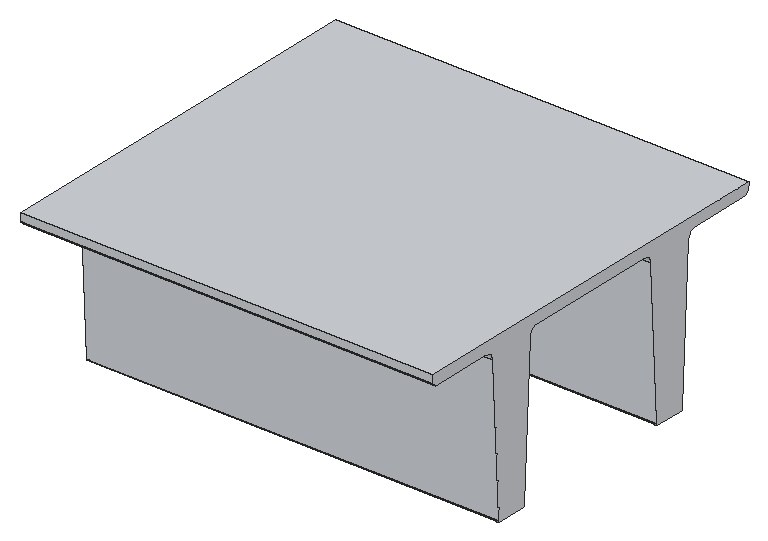
Revit family "TTD 102_Precast-Rib deck_Spæncom", category Structural Framing, Revit 2014
Parameters
  Width TTD plate [instance] = 2392 mm
  TTD plate left (596mm) [instance] = 596 mm
  TTD plate right (596mm) [instance] = 596 mm
  TTD rib distance = 1200 mm  # constant formula
  Structural Material [instance] = none
  Plate thickness = 70 mm  # constant formula
  Model = "TTD102"
  Manufacturer = "Spæncom"
  Length [instance] = 3000 mm
  Height TTD = 1020 mm  # constant formula
Reference planes
  plane 1 "Center (Front/Back)": y = 0
  plane 2 "Center Elevation": z = 0
  plane 3 "Center (Left/Right)": x = 0
  plane 4 "Left": x = -1500
  plane 5 "Member Left": x = -1250
  plane 6 "Stick Symbol Left": x = -1000
  plane 7 "Right": x = 1500
  plane 8 "Member Right": x = 1250
  plane 9 "Stick Symbol Right": x = 1000
  plane 10: y = -599.038
  plane 11: y = 600.962
  plane 12: through (0, 741.087, 902.497) normal (0, -0.9988, 0.0499)
  plane 13: through (0, 505.63, 6.65) normal (0, 0.9988, 0.0499)
  plane 14: through (0, -458.913, 902.497) normal (0, -0.9988, 0.0499)
  plane 15: through (0, -694.37, 6.65) normal (0, 0.9988, 0.0499)
Forms (mm)
  Extrusion 1, solid, material <- "Structural Material"
    sketch origin (-250, -0.962, 0) x (0, 1, 0) y (0, 0, 1)
      loop
        line (-1194.075, 1020) -> (-1191.075, 970) -> (-1171.075, 950) -> (-788.175, 950)
        arc (-788.175, 950) -> (-753.714, 936.227) -> (-738.238, 902.497) r 50
        line (-738.238, 902.497) -> (-693.408, 6.65)
        arc (-693.408, 6.65) -> (-691.241, 1.928) -> (-686.417, 0) r 7
        line (-686.417, 0) -> (-509.734, 0)
        arc (-509.734, 0) -> (-504.909, 1.928) -> (-502.743, 6.65) r 7
        line (-502.743, 6.65) -> (-457.988, 902.497)
        arc (-457.988, 902.497) -> (-442.512, 936.227) -> (-408.051, 950) r 50
        line (-408.051, 950) -> (411.825, 950)
        arc (411.825, 950) -> (446.286, 936.227) -> (461.762, 902.497) r 50
        line (461.762, 902.497) -> (506.592, 6.65)
        arc (506.592, 6.65) -> (508.759, 1.928) -> (513.583, 0) r 7
        line (513.583, 0) -> (690.266, 0)
        arc (690.266, 0) -> (695.091, 1.928) -> (697.257, 6.65) r 7
        line (697.257, 6.65) -> (742.012, 902.497)
        arc (742.012, 902.497) -> (757.488, 936.227) -> (791.949, 950) r 50
        line (791.949, 950) -> (1174.925, 950) -> (1194.925, 970) -> (1197.925, 1020) -> (-1194.075, 1020)
    from -1000 to 1500
Dimensions and locks
  equal spacing: plane 4 "Left", plane 3 "Center (Left/Right)", plane 7 "Right"
  "Length": plane 4 "Left" to plane 7 "Right"
  "Plate thickness": Extrusion 1 to Extrusion 1
  "Height TTD": Extrusion 1 to Extrusion 1
  "Width TTD plate": Extrusion 1 to Extrusion 1
  Extrusion 1 to plane 11 = 596 mm
  plane 10 to Extrusion 1 = 596 mm
  "TTD rib distance": plane 11 to plane 10
  plane 12 to plane 13 = 190 mm
  plane 14 to plane 15 = 190 mm
  "TTD plate left (596mm)": Extrusion 1 sketch curve to plane 11
  "TTD plate right (596mm)": plane 10 to Extrusion 1 sketch curve
  radius of Extrusion 1 = 50 mm  (x4)
  aligned and locked: level to plane 2 "Center Elevation"
  aligned and locked: Extrusion 1 to plane 8 "Member Right"
  aligned and locked: Extrusion 1 to plane 5 "Member Left"
  aligned and locked: level to Extrusion 1 sketch curve  (x2)
Automatic sketch dimensions
  Extrusion 1 sketch curve to plane 15 = 0 mm
  Extrusion 1 sketch curve to plane 14 = 0 mm
  Extrusion 1 sketch curve to plane 13 = 0 mm
  Extrusion 1 sketch curve to plane 12 = 0 mm
  Extrusion 1 sketch curve to Extrusion 1 sketch curve = 3 mm
  Extrusion 1 sketch curve to Extrusion 1 sketch curve = 20 mm  (x4)
  Extrusion 1 sketch curve to plane 10 = 190.1 mm
  Extrusion 1 sketch curve to Extrusion 1 sketch curve = 49.938 mm  (x4)
  level to Extrusion 1 sketch curve = 6.65 mm  (x4)
  level to Extrusion 1 sketch curve = 7 mm  (x3)
  plane 10 to Extrusion 1 sketch curve = 88.341 mm
  plane 10 to Extrusion 1 sketch curve = 140.087 mm
  Extrusion 1 sketch curve to plane 11 = 190.1 mm
  plane 11 to Extrusion 1 sketch curve = 140.087 mm
  Extrusion 1 sketch curve to Extrusion 1 sketch curve = 23 mm
  Extrusion 1 sketch curve to Extrusion 1 sketch curve = 893.35 mm
  Extrusion 1 sketch curve to Extrusion 1 sketch curve = 0 mm  (x3)
  Extrusion 1 sketch curve to Extrusion 1 sketch curve = 2.497 mm  (x3)
  Extrusion 1 sketch curve to Extrusion 1 sketch curve = 50 mm
